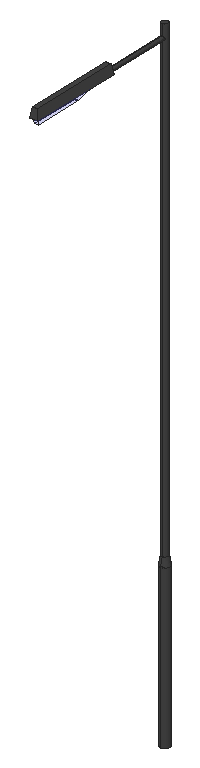
Revit family
Parameters
  Wattage = 250 W
  built-in parameter 1150110 = 1 (stored number, unit not read)
  built-in parameter 1114217 = 1 (stored number, unit not read)
  built-in parameter 1150109 = 1 (stored number, unit not read)
  built-in parameter 1150134 = 3
  built-in parameter 1150113 = 1 (stored number, unit not read)
  Material Lamp Post = Paint - Black Matte
  Material Lamp Glazing = Glass
  built-in parameter 1150105 = 1432.4 (stored number, unit not read)
  Lumens = 4500 lm
  built-in parameter 1150115 = 1 (stored number, unit not read)
  Light Source Symbol Size = 609.6 mm
  built-in parameter 1150137 = (empty or 0)
  built-in parameter 1150139 = (empty or 0)
  built-in parameter 1150112 = 1 (stored number, unit not read)
  built-in parameter 1150114 = 1 (stored number, unit not read)
  Keynote = "V"
  built-in parameter 1150132 = (empty or 0)
  built-in parameter 1150102 = (empty or 0)
  built-in parameter 1150107 = 3200 (stored number, unit not read)
  built-in parameter 1150138 = (empty or 0)
  built-in parameter 1150106 = 14.324 (stored number, unit not read)
  Height = 10000 mm
  built-in parameter 1150104 = 1.6723 (stored number, unit not read)
  Dimming Lamp Color Temperature Shift = (empty or 0)
  Color Filter = 16777215
  built-in parameter 1114218 = 1 (stored number, unit not read)
  built-in parameter 1150133 = 10 (stored number, unit not read)
  Arm Length = 2500 mm
Reference planes
  plane 1 "Light Source Axis (F/B)": y = 0
  plane 2: z = 0
  plane 3 "Light Source Axis (L/R)": x = 43.565
  plane 4 "Light Source Elevation": z = 10000
  plane 5: z = 2500
  plane 6: x = -6.435
  plane 7: x = 93.565
  plane 8: z = 2640
  plane 9: y = -2500
  plane 10: y = -1600
  plane 11: z = 9800
  plane 12: x = 43.565
  plane 13: z = 9800
  plane 14: y = -1320
  plane 15: y = -2087.5
  plane 16: z = 9670
Forms (mm)
  Extrusion 1, solid, material "Paint - Black Matte" <- "Material Lamp Post"
    sketch origin (0, 0, 2500) x (0, -1, 0) y (-1, 0, 0)
      loop
        circle (0, -43.565) r 50
    from -140 to -7500
  Blend 2, solid, material "Paint - Black Matte" <- "Material Lamp Post"
    base sketch origin (0, 0, 2500) x (0, -1, 0) y (1, 0, 0)
      loop
        circle (0, 43.565) r 75
    top sketch origin (0, 0, 2500) x (0, -1, 0) y (1, 0, 0)
      loop
        circle (0, 43.565) r 50
    from 0 to 140
  Extrusion 3, solid, material "Paint - Black Matte" <- "Material Lamp Post"
    sketch origin (0, 0, 2500) x (0, -1, 0) y (-1, 0, 0)
      loop
        circle (0, -43.565) r 75
    from 0 to 2500
  Extrusion 4, solid, material "Paint - Black Matte" <- "Material Lamp Post"
    sketch origin (0, -1600, 0) x (0, 0, -1) y (1, 0, 0)
      loop
        circle (-9800, 43.565) r 30
    from 0 to -1600
  Blend 5, solid, material "Paint - Black Matte" <- "Material Lamp Post"
    base sketch origin (0, 0, 9800) x (0, 1, 0) y (-1, 0, 0)
      loop
        line (-1070, -111.065) -> (-1070, 23.935) -> (-2530, 23.935) -> (-2530, -111.065) -> (-1070, -111.065)
    top sketch origin (0, 0, 9800) x (0, 1, 0) y (-1, 0, 0)
      loop
        line (-1100, -6.065) -> (-2500, -6.065) -> (-2500, -81.065) -> (-1100, -81.065) -> (-1100, -6.065)
    from -30 to 119.26
  Blend 6, solid, material "Glass" <- "Material Lamp Glazing"
    base sketch origin (0, 0, 9800) x (0, 1, 0) y (-1, 0, 0)
      loop
        line (-1320, -6.065) -> (-2500, -6.065) -> (-2500, -81.065) -> (-1320, -81.065) -> (-1320, -6.065)
    top sketch origin (0, 0, 9800) x (0, 1, 0) y (-1, 0, 0)
      loop
        line (-1700, -18.565) -> (-2475, -18.565) -> (-2475, -68.565) -> (-1700, -68.565) -> (-1700, -18.565)
    from -30 to -130
Cuts and joins
  joined: Extrusion 1, Extrusion 4, Blend 5
Lines and regions (mm)
  Masking region 1
    outline origin (0, 0, 9800) x (0, 1, 0) y (-1, 0, 0)
      loop
        line (-68.542, -13.117) -> (-1070, -13.117) -> (-1070, 23.935) -> (-2530, 23.935) -> (-2530, -111.065) -> (-1070, -111.065) -> (-1070, -74.012) -> (-68.542, -74.012)
        arc (-68.542, -74.012) -> (15.563, -116.932) -> (75, -43.565) r 75
        arc (75, -43.565) -> (15.563, 29.803) -> (-68.542, -13.117) r 75
  symbolic lines
    curve 1: arc (13.565, -68.739, 9800) -> (-29.853, 15.323, 9800) -> (43.565, 75, 9800) r 75
    curve 2: arc (43.565, 75, 9800) -> (116.932, 15.563, 9800) -> (74.012, -68.542, 9800) r 75
    curve 3: arc (43.565, -50, 9800) -> (-6.435, 0, 9800) -> (43.565, 50, 9800) r 50
    curve 4: arc (43.565, 50, 9800) -> (93.565, 0, 9800) -> (43.565, -50, 9800) r 50
    curve 5: line (111.065, -2530, 9800) -> (-23.935, -2530, 9800)
    curve 6: line (111.065, -1070, 9800) -> (111.065, -2530, 9800)
    curve 7: line (-23.935, -2530, 9800) -> (-23.935, -1070, 9800)
    curve 8: line (-23.935, -1070, 9800) -> (111.065, -1070, 9800)
    curve 9: line (13.117, -39.66, 9800) -> (13.117, -1070, 9800)
    curve 10: line (74.012, -39.66, 9800) -> (74.012, -1070, 9800)
Dimensions and locks
  "Arm Length": plane 5 to plane 2
  "Height": plane 4 "Light Source Elevation" to plane 2
  locked: plane 8 to plane 5 at 140
  "Arm Length": plane 9 to plane 1 "Light Source Axis (F/B)"
  plane 11 to plane 4 "Light Source Elevation" = 200 mm
  plane 4 "Light Source Elevation" to plane 13 = 200 mm
  equal spacing: Blend 5 sketch curve, plane 3 "Light Source Axis (L/R)", Blend 5 sketch curve  (x2)
  Blend 5 sketch curve to Blend 5 sketch curve = 135 mm
  locked: Blend 5 sketch curve to Blend 5 sketch curve at 75
  plane 9 to plane 14 = 1180 mm
  equal spacing: Blend 6 sketch curve, plane 3 "Light Source Axis (L/R)", Blend 6 sketch curve  (x2)
  locked: Blend 6 sketch curve to Blend 6 sketch curve at 75
  Blend 6 sketch curve to Blend 6 sketch curve = 50 mm
  Blend 6 sketch curve to var sketch = 380 mm
  plane 9 to Blend 5 sketch curve = 1430 mm
  plane 9 to Blend 5 sketch curve = 1400 mm
  locked: plane 4 "Light Source Elevation" to plane 16 at 330
  locked: plane 10 to plane 15 at 487.5
  locked: plane 10 to plane 9 at 900
  aligned and locked: plane 8 to Extrusion 1
  aligned and locked: Extrusion 3 to level
  aligned and locked: curve 1 to Extrusion 3
  aligned and locked: curve 2 to Extrusion 3
  aligned and locked: curve 3 to cut or joined group of Extrusion 1, Extrusion 4, Blend 5
  aligned and locked: curve 4 to cut or joined group of Extrusion 1, Extrusion 4, Blend 5
  aligned and locked: curve 5 to cut or joined group of Extrusion 1, Extrusion 4, Blend 5
  aligned and locked: curve 6 to cut or joined group of Extrusion 1, Extrusion 4, Blend 5
  aligned and locked: curve 7 to cut or joined group of Extrusion 1, Extrusion 4, Blend 5
  aligned and locked: curve 8 to cut or joined group of Extrusion 1, Extrusion 4, Blend 5
  aligned and locked: Masking region 1 sketch curve to Extrusion 3  (x2)
  aligned and locked: curve 10 to Masking region 1 sketch curve
  aligned and locked: curve 9 to Masking region 1 sketch curve
  aligned and locked: Masking region 1 sketch curve to curve 8
  aligned and locked: Masking region 1 sketch curve to curve 7
  aligned and locked: Masking region 1 sketch curve to curve 6
  aligned and locked: Masking region 1 sketch curve to curve 5
  aligned and locked: imposter light to plane 3 "Light Source Axis (L/R)"
  aligned and locked: plane 15 to imposter light
  aligned and locked: plane 16 to imposter light
  aligned and locked: cut or joined group of Extrusion 1, Extrusion 4, Blend 5 to plane 4 "Light Source Elevation"
  aligned and locked: curve 8 to Masking region 1 sketch curve
  aligned and locked: plane 10 to Extrusion 4
  aligned and locked: cut or joined group of Extrusion 1, Extrusion 4, Blend 5 to plane 1 "Light Source Axis (F/B)"
Automatic sketch dimensions
  Extrusion 4 sketch curve to plane 3 "Light Source Axis (L/R)" = 0 mm
  Extrusion 4 sketch curve to plane 11 = 0 mm
  plane 9 to Blend 5 sketch curve = 30 mm
  Blend 6 sketch curve to plane 9 = 0 mm
  Blend 6 sketch curve to plane 14 = 0 mm
  Blend 5 sketch curve to plane 9 = 0 mm
  Blend 6 sketch curve to plane 9 = 25 mm
  Extrusion 1 sketch curve to plane 1 "Light Source Axis (F/B)" = 0 mm
  Extrusion 1 sketch curve to plane 3 "Light Source Axis (L/R)" = 0 mm
  Blend 2 sketch curve to plane 1 "Light Source Axis (F/B)" = 0 mm  (x2)
  Blend 2 sketch curve to plane 3 "Light Source Axis (L/R)" = 0 mm  (x2)
  Extrusion 3 sketch curve to plane 1 "Light Source Axis (F/B)" = 0 mm
  Extrusion 3 sketch curve to plane 3 "Light Source Axis (L/R)" = 0 mm
  curve 1 to plane 3 "Light Source Axis (L/R)" = 30 mm
  plane 3 "Light Source Axis (L/R)" to curve 2 = 30.448 mm
  curve 1 to curve 9 = 29.078 mm
  radius of Extrusion 4 sketch curve = 30 mm
  radius of Extrusion 1 sketch curve = 50 mm
  radius of Blend 2 sketch curve = 75 mm
  radius of Blend 2 sketch curve = 50 mm
  radius of Extrusion 3 sketch curve = 75 mm
